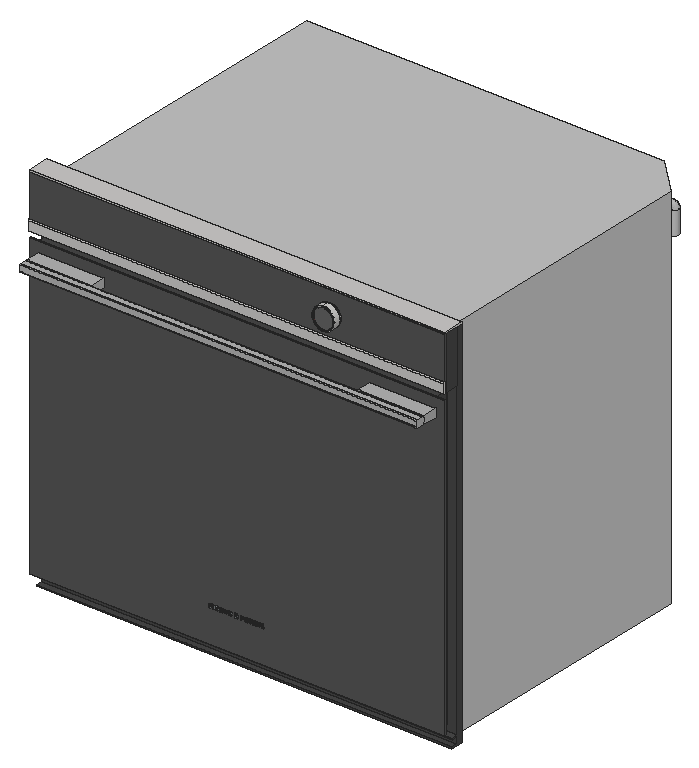
Revit family "FP-Revit18-OB30SD17PLX1-Oven-0-CA-US-90002675A", category Specialty Equipment, Revit 2018
Family settings
  Round Connector Dimension = Use Diameter
  Part Type = Normal
  OmniClass Number = 23.40.40.14.17.11
  OmniClass Title = Cookers, Ovens, Stoves
  Work Plane-Based = No
  Always vertical = Yes
  Cut with Voids When Loaded = Yes
  Shared = No
  Room Calculation Point = No
Parameters (values of type "OB30SD17PLX1")
  Visibility - Long Trim (Flush Installation) [instance] = no
  Visibility - Clearance Required = yes
  URL = "www.fisherpaykel.com"
  Product - Width = 760 mm  # constant formula
  Product - Height = 690 mm  # constant formula
  Product - Depth = 609 mm  # constant formula
  Model = "OB30SD17PLX1"
  Material - Trim = Fisher & Paykel - Stainless Steel
  Material - Structure = Fisher & Paykel - Black
  Material - Logo = Fisher & Paykel - Graphics Grey
  Material - Handle = Fisher & Paykel - Aluminium
  Material - Glass = Fisher & Paykel - Glass, Black
  Material - Buttons and Dials = Fisher & Paykel - Stainless Steel
  Material - Body = Fisher & Paykel - Grey
  Manufacturer = "Fisher & Paykel Appliances"
  FFL Offset [instance] = 182 mm
  Description = "30\" Self Cleaning Oven"
  Connector Note - Electrical = "208-240 V, 60 Hz, 16.6-19.4 A , 3.5-4.6 kW Max Load"
  Chassis - Width = 720 mm  # constant formula
  Chassis - Height = 675 mm  # constant formula
  Chassis - Depth = 569 mm  # constant formula
  Cavity - Width = 724 mm  # constant formula
  Cavity - Height = 681 mm  # constant formula
  Cavity - Depth = 575 mm  # constant formula
  Cabinet - Height = 693 mm  # constant formula
Reference planes
  plane 1 "Datum": y = 0
  plane 2: z = 0
  plane 3 "Center (Left/Right)": x = 0
  plane 4 "Cabinet - Height": z = 875
  plane 5 "Product LHS": x = -380
  plane 6 "Product RHS": x = 380
  plane 7 "Product - Depth": y = 569
  plane 8 "Cavity LHS": x = -382
  plane 9 "Cavity RHS": x = 382
  plane 10 "Cavity - Depth": y = 575
  plane 11 "Front Face": y = -40
  plane 12 "FFL Offset": z = 182
  plane 13 "Product - Height": z = 872
  plane 14: z = 863
Forms (mm)
  Extrusion 1, solid, material "Fisher & Paykel - Grey" <- "Material - Body"
    sketch origin (0, 0, 0) x (1, 0, 0) y (0, 1, 0)
      loop
        line (-359.809, 0) -> (360.191, 0) -> (360.191, 503) -> (294.191, 569) -> (-359.809, 569) -> (-359.809, 0)
    from 182 to 857
  Extrusion 2, solid, material "Fisher & Paykel - Clearance Required", visible <- "Visibility - Clearance Required", detail levels coarse
    sketch origin (0, 0, 0) x (1, 0, 0) y (0, 1, 0)
      loop
        line (-361.809, 0) -> (362.191, 0) -> (362.191, 575) -> (-361.809, 575) -> (-361.809, 0)
    from 182 to 863
  Extrusion 3, solid, material "Fisher & Paykel - Black" <- "Material - Structure"
    sketch origin (0, 0, 0) x (0, 1, 0) y (0, 0, 1)
      loop
        line (-11, 869.1) -> (-11, 199.834) -> (-21.5, 197.02) -> (-21.254, 196.102) -> (-11, 198.85) -> (-11, 183.95) -> (-22, 183.95) -> (-22, 182) -> (0, 182) -> (0, 869.1) -> (-11, 869.1)
    from -380 to 380
  Extrusion 4, solid, material "Fisher & Paykel - Black" <- "Material - Structure"
    sketch origin (0, 0, 0) x (0, 1, 0) y (0, 0, 1)
      loop
        line (-36, 869.1) -> (-36, 772) -> (-11, 772) -> (-11, 869.1) -> (-36, 869.1)
    from -380 to 380
  Extrusion 5, solid, material "Fisher & Paykel - Black" <- "Material - Structure"
    sketch origin (0, 0, 0) x (0, 1, 0) y (0, 0, 1)
      loop
        line (-16.2, 209.63) -> (-16.2, 759.665) -> (-36, 759.665) -> (-36, 209.63) -> (-16.2, 209.63)
    from -365 to 363.494
  Extrusion 6, solid, material "Fisher & Paykel - Black" <- "Material - Structure"
    sketch origin (0, 0, 0) x (0, 1, 0) y (0, 0, 1)
      loop
        line (-16.2, 759.665) -> (-16.2, 209.63) -> (-11, 209.63) -> (-11, 759.665) -> (-16.2, 759.665)
    from -361 to 361
  Extrusion 7, solid, material "Fisher & Paykel - Glass, Black" <- "Material - Glass"
    sketch origin (0, 0, 0) x (0, 1, 0) y (0, 0, 1)
      loop
        line (-40, 759.665) -> (-40, 209.63) -> (-36, 209.63) -> (-36, 759.665) -> (-40, 759.665)
    from -380 to 380
  Extrusion 8, solid, material "Fisher & Paykel - Glass, Black" <- "Material - Glass"
    sketch origin (0, 0, 0) x (0, 1, 0) y (0, 0, 1)
      loop
        line (-40, 868.639) -> (-40, 772) -> (-36, 772) -> (-36, 868.639) -> (-40, 868.639)
    from -380 to 380
  Extrusion 9, solid, material "Fisher & Paykel - Stainless Steel" <- "Material - Trim", detail levels fine
    sketch origin (0, 0, 0) x (0, 1, 0) y (0, 0, 1)
      loop
        line (-41.95, 789.531) -> (-41.95, 772) -> (-40, 772) -> (-40, 791.643) -> (-40.8, 791.643) -> (-41.95, 789.531)
    from -380 to 380
  Extrusion 10, solid, material "Fisher & Paykel - Clearance Required", visible <- "Visibility - Clearance Required", detail levels coarse
    sketch origin (0, -2000, 0) x (0, 1, 0) y (0, 0, 1)
      loop
        line (2000, 875) -> (1960.062, 875) -> (1960.062, 761.128)
        arc (1960.062, 761.128) -> (1570.095, 599.598) -> (1408.565, 209.63) r 551.498
        line (1408.565, 209.63) -> (1960, 209.63) -> (1960, 182) -> (2000, 182) -> (2000, 875)
    from -382 to 382
  Extrusion 11, solid, material "Fisher & Paykel - Stainless Steel" <- "Material - Trim"
    sketch origin (0, 0, 0) x (0, 1, 0) y (0, 0, 1)
      loop
        line (-40, 872) -> (-40, 869.1) -> (0, 869.1) -> (0, 872) -> (-40, 872)
    from -380 to 380
  Extrusion 12, void
    sketch origin (0, 0, 0) x (1, 0, 0) y (0, 1, 0)
      loop
        line (-361.809, 575) -> (-361.809, 0) -> (362.191, 0) -> (362.191, 575) -> (-361.809, 575)
    from 182 to 863
  Extrusion 13, void
    sketch origin (0, 0, 0) x (1, 0, 0) y (0, 1, 0)
      loop
        line (-382, 0) -> (-382, -40) -> (382, -40) -> (382, 0) -> (-382, 0)
    from 182 to 875
  Revolve 14, solid, material "Fisher & Paykel - Stainless Steel" <- "Material - Buttons and Dials", detail levels fine
    sketch origin (170, -40, 827.5) x (0, 1, 0) y (0, 0, 1)
      loop
        line (0, 20.5) -> (-0.843, 20.5) -> (-0.843, 5.623) -> (-3.464, 5.623) -> (-3.464, 20.5) -> (-15, 20.5) -> (-15, 19.672) -> (-14.502, 18.5) -> (-8.9, 18.5) -> (-8.9, 0) -> (0, 0) -> (0, 20.5)
      axis (0, 0) -> (-15, 0)
    angle from 0 to 360
  Extrusion 15, solid, material "Fisher & Paykel - Stainless Steel, Dark", detail levels fine
    sketch origin (170, -40, 827.5) x (1, 0, 0) y (0, 0, 1)
      loop
        circle (0, 0) r 18
    from 8.9 to 14.502
  Extrusion 16, solid, material "Fisher & Paykel - Stainless Steel" <- "Material - Buttons and Dials", detail levels coarse+medium
    sketch origin (170, -40, 827.5) x (1, 0, 0) y (0, 0, 1)
      loop
        circle (0, 0) r 20.5
    from 0 to 15
  Extrusion 17, solid, material "Fisher & Paykel - Bezel Red", detail levels fine
    sketch origin (170, -40, 827.5) x (1, 0, 0) y (0, 0, 1)
      loop
        circle (0, 0) r 18.5
      loop
        circle (0, 0) r 18
    from 8.9 to 14.502
  Extrusion 18, solid, material "Fisher & Paykel - Aluminium" <- "Material - Handle", detail levels fine
    sketch origin (8.022, -41, 734.648) x (0, 1, 0) y (0, 0, 1)
      loop
        arc (-26.813, 6.16) -> (-27.196, 6.554) -> (-27.728, 6.686) r 1
        line (-27.728, 6.686) -> (-40.035, 6.256)
        arc (-40.035, 6.256) -> (-40.719, 5.951) -> (-41, 5.257) r 1
        line (-41, 5.257) -> (-41, -5.257)
        arc (-41, -5.257) -> (-40.719, -5.951) -> (-40.035, -6.256) r 1
        line (-40.035, -6.256) -> (-27.709, -6.686)
        arc (-27.709, -6.686) -> (-27.175, -6.554) -> (-26.792, -6.158) r 1
        arc (-26.792, -6.158) -> (-25.256, 0.004) -> (-26.813, 6.16) r 13.038
    from -371.522 to 355.478
  Extrusion 19, solid, material "Fisher & Paykel - Aluminium" <- "Material - Handle", detail levels fine
    sketch origin (8.022, -41, 734.648) x (0, 1, 0) y (0, 0, 1)
      loop
        arc (-26.626, -6.008) -> (-26.614, -6.49) -> (-26.2, -6.737) r 0.5
        line (-26.2, -6.737) -> (1, -7.732) -> (1, 7.741) -> (-26.174, 6.747)
        arc (-26.174, 6.747) -> (-26.587, 6.5) -> (-26.6, 6.019) r 0.5
        arc (-26.6, 6.019) -> (-25.156, 0.002) -> (-26.626, -6.008) r 13.136
    from 235.478 to 355.478
  Extrusion 20, solid, material "Fisher & Paykel - Aluminium" <- "Material - Handle", detail levels coarse+medium
    sketch origin (8.022, -42, 734.648) x (1, 0, 0) y (0, 1, 0)
      loop
        line (-371.522, -40) -> (355.478, -40) -> (355.478, 2) -> (235.478, 2) -> (235.478, -24.334) -> (-251.522, -24.334) -> (-251.522, 2) -> (-371.522, 2) -> (-371.522, -40)
    from -8.022 to 7.978
  Extrusion 21, solid, material "Fisher & Paykel - Aluminium" <- "Material - Handle", detail levels fine
    sketch origin (8.022, -41, 734.648) x (0, 1, 0) y (0, 0, 1)
      loop
        arc (-26.626, -6.008) -> (-26.614, -6.49) -> (-26.2, -6.737) r 0.5
        line (-26.2, -6.737) -> (1, -7.732) -> (1, 7.741) -> (-26.174, 6.747)
        arc (-26.174, 6.747) -> (-26.587, 6.5) -> (-26.6, 6.019) r 0.5
        arc (-26.6, 6.019) -> (-25.156, 0.002) -> (-26.626, -6.008) r 13.136
    from -371.522 to -251.522
  Extrusion 22, solid, material "Fisher & Paykel - Aluminium" <- "Material - Handle", not visible, detail levels fine
    sketch origin (8.022, -2041, 719.648) x (0, 1, 0) y (0, 0, 1)
      loop
        arc (-26.813, 6.16) -> (-27.196, 6.554) -> (-27.728, 6.686) r 1
        line (-27.728, 6.686) -> (-40.035, 6.256)
        arc (-40.035, 6.256) -> (-40.719, 5.951) -> (-41, 5.257) r 1
        line (-41, 5.257) -> (-41, -5.257)
        arc (-41, -5.257) -> (-40.719, -5.951) -> (-40.035, -6.256) r 1
        line (-40.035, -6.256) -> (-27.709, -6.686)
        arc (-27.709, -6.686) -> (-27.175, -6.554) -> (-26.792, -6.158) r 1
        arc (-26.792, -6.158) -> (-25.256, 0.004) -> (-26.813, 6.16) r 13.038
    from -371.522 to 355.478
  Extrusion 23, solid, material "Fisher & Paykel - Aluminium" <- "Material - Handle", not visible, detail levels fine
    sketch origin (8.022, -2041, 719.648) x (0, 1, 0) y (0, 0, 1)
      loop
        arc (-26.626, -6.008) -> (-26.614, -6.49) -> (-26.2, -6.737) r 0.5
        line (-26.2, -6.737) -> (1, -7.732) -> (1, 7.741) -> (-26.174, 6.747)
        arc (-26.174, 6.747) -> (-26.587, 6.5) -> (-26.6, 6.019) r 0.5
        arc (-26.6, 6.019) -> (-25.156, 0.002) -> (-26.626, -6.008) r 13.136
    from 235.478 to 355.478
  Extrusion 24, solid, material "Fisher & Paykel - Aluminium" <- "Material - Handle", not visible, detail levels coarse+medium
    sketch origin (8.022, -2042, 719.648) x (1, 0, 0) y (0, 1, 0)
      loop
        line (-371.522, -40) -> (355.478, -40) -> (355.478, 2) -> (235.478, 2) -> (235.478, -24.334) -> (-251.522, -24.334) -> (-251.522, 2) -> (-371.522, 2) -> (-371.522, -40)
    from -8.022 to 7.978
  Extrusion 25, solid, material "Fisher & Paykel - Aluminium" <- "Material - Handle", not visible, detail levels fine
    sketch origin (8.022, -2041, 719.648) x (0, 1, 0) y (0, 0, 1)
      loop
        arc (-26.626, -6.008) -> (-26.614, -6.49) -> (-26.2, -6.737) r 0.5
        line (-26.2, -6.737) -> (1, -7.732) -> (1, 7.741) -> (-26.174, 6.747)
        arc (-26.174, 6.747) -> (-26.587, 6.5) -> (-26.6, 6.019) r 0.5
        arc (-26.6, 6.019) -> (-25.156, 0.002) -> (-26.626, -6.008) r 13.136
    from -371.522 to -251.522
  Extrusion 26, solid, material "Fisher & Paykel - Grey" <- "Material - Body"
    sketch origin (327.191, 536, 812.625) x (0.707107, -0.707107, 0) y (0, 0, 1)
      loop
        circle (0, 0) r 14.523
      loop
        circle (0, 0) r 7.273
    from -3.02 to 0
  Sweep 27, solid, material "Fisher & Paykel - Grey" <- "Material - Body"
    path origin (327.191, 536, 812.625) x (0.707107, 0.707107, 0) y (0, 0, 1)
      loop
        line (0, 0) -> (2.546, 0)
        arc (2.546, 0) -> (8.203, -2.343) -> (10.546, -8) r 8
        line (10.546, -8) -> (10.546, -49.977)
    profile origin (328.091, 536.9, 812.625) x (0, 0, 1) y (0.707107, -0.707107, 0)
      loop
        circle (0, 0) r 7.273
  Extrusion 28, solid, material "Fisher & Paykel - Grey" <- "Material - Body", not visible
    sketch origin (327.191, 536, 797.625) x (0.707107, -0.707107, 0) y (0, 0, 1)
      loop
        circle (0, 0) r 14.523
      loop
        circle (0, 0) r 7.273
    from -3.02 to 0
  Sweep 29, solid, material "Fisher & Paykel - Grey" <- "Material - Body", not visible
    path origin (327.191, 536, 797.625) x (0.707107, 0.707107, 0) y (0, 0, 1)
      loop
        line (0, 0) -> (2.546, 0)
        arc (2.546, 0) -> (8.203, -2.343) -> (10.546, -8) r 8
        line (10.546, -8) -> (10.546, -49.977)
    profile origin (328.091, 536.9, 797.625) x (0, 0, 1) y (0.707107, -0.707107, 0)
      loop
        circle (0, 0) r 7.273
  Extrusion 30, solid, material "Fisher & Paykel - Graphics Grey" <- "Material - Logo", detail levels fine
    sketch origin (0, -39.2, 255.6) x (1, 0, 0) y (0, 0, 1)
      loop
        line (-50.044, 15) -> (-48.47, 15) -> (-48.47, 17.138) -> (-46.011, 17.138) -> (-46.011, 18.472) -> (-48.47, 18.472) -> (-48.47, 19.712) -> (-45.795, 19.712) -> (-45.795, 21.04) -> (-50.044, 21.04) -> (-50.044, 15)
      loop
        line (-42.804, 21.04) -> (-42.804, 15) -> (-41.23, 15) -> (-41.23, 21.04) -> (-42.804, 21.04)
      loop
        line (-30.724, 21.04) -> (-30.724, 15) -> (-29.151, 15) -> (-29.151, 17.42) -> (-26.839, 17.42) -> (-26.839, 15) -> (-25.265, 15) -> (-25.265, 21.04) -> (-26.839, 21.04) -> (-26.839, 18.748) -> (-29.151, 18.748) -> (-29.151, 21.04) -> (-30.724, 21.04)
      loop
        line (-21.906, 21.04) -> (-21.906, 15) -> (-17.602, 15) -> (-17.602, 16.328) -> (-20.347, 16.328) -> (-20.347, 17.42) -> (-17.838, 17.42) -> (-17.838, 18.748) -> (-20.347, 18.748) -> (-20.347, 19.712) -> (-17.602, 19.712) -> (-17.602, 21.04) -> (-21.906, 21.04)
      loop
        line (45.667, 21.04) -> (45.667, 15) -> (49.956, 15) -> (49.956, 16.328) -> (47.241, 16.328) -> (47.241, 21.04) -> (45.667, 21.04)
      loop
        line (42.431, 21.04) -> (38.112, 21.04) -> (38.112, 15) -> (42.431, 15) -> (42.431, 16.328) -> (39.687, 16.328) -> (39.687, 17.42) -> (42.195, 17.42) -> (42.195, 18.748) -> (39.687, 18.748) -> (39.687, 19.712) -> (42.431, 19.712) -> (42.431, 21.04)
      loop
        line (33.451, 18.148) -> (35.683, 21.04) -> (33.844, 21.04) -> (31.915, 18.542) -> (31.915, 21.04) -> (30.342, 21.04) -> (30.342, 15) -> (31.915, 15) -> (31.915, 17.705) -> (33.903, 15) -> (35.763, 15) -> (33.451, 18.148)
      loop
        line (21.98, 21.04) -> (24.262, 17.42) -> (24.262, 15) -> (25.837, 15) -> (25.837, 17.341) -> (28.119, 21.04) -> (26.446, 21.04) -> (25.099, 18.707) -> (23.753, 21.04) -> (21.98, 21.04)
      loop
        line (18.479, 21.04) -> (16.983, 21.04) -> (14.524, 15) -> (16.069, 15) -> (16.501, 16.112) -> (18.921, 16.112) -> (19.354, 15) -> (20.938, 15) -> (18.479, 21.04)
      loop
        line (18.4, 17.439) -> (17.693, 19.174) -> (17.018, 17.439) -> (18.4, 17.439)
      loop
        line (8.031, 21.04) -> (8.031, 15) -> (9.605, 15) -> (9.605, 16.938) -> (10.599, 16.938)
        arc (10.599, 16.938) -> (12.65, 18.989) -> (10.599, 21.04) r 2.051
        line (10.599, 21.04) -> (8.031, 21.04)
      loop
        line (9.605, 19.712) -> (9.605, 18.197) -> (10.501, 18.197)
        arc (10.501, 18.197) -> (11.259, 18.954) -> (10.501, 19.712) r 0.757
        line (10.501, 19.712) -> (9.605, 19.712)
      loop
        line (-11.783, 21.04) -> (-14.366, 21.04) -> (-14.366, 15) -> (-12.792, 15) -> (-12.792, 16.336) -> (-11.992, 16.336) -> (-10.972, 15) -> (-9.153, 15) -> (-10.694, 16.973)
        arc (-10.694, 16.973) -> (-9.678, 19.424) -> (-11.783, 21.04) r 2.179
      loop
        line (-11.897, 19.712) -> (-12.792, 19.712) -> (-12.792, 18.053) -> (-11.897, 18.053)
        arc (-11.897, 18.053) -> (-11.068, 18.882) -> (-11.897, 19.712) r 0.83
      loop
        line (0.477, 19.712) -> (0.477, 21.153) -> (-3.575, 21.153) -> (-3.575, 19.851) -> (-2.974, 19.112)
        arc (-2.974, 19.112) -> (-3.51, 15.684) -> (-0.045, 15.512) r 2.334
        line (-0.045, 15.512) -> (0.46, 14.891) -> (2.246, 14.891) -> (0.86, 16.594) -> (2.061, 18.324) -> (0.443, 18.324) -> (-0.013, 17.667) -> (-1.677, 19.712) -> (0.477, 19.712)
      loop
        arc (-2.125, 18.068) -> (-2.269, 16.668) -> (-0.868, 16.524) r 0.996
        line (-0.868, 16.524) -> (-2.125, 18.068)
      loop
        line (-35.18, 18.634) -> (-36.516, 18.91)
        arc (-36.516, 18.91) -> (-37.049, 19.443) -> (-36.516, 19.976) r 0.533
        arc (-36.516, 19.976) -> (-35.235, 19.79) -> (-34.059, 19.248) r 4.505
        line (-34.059, 19.248) -> (-34.059, 20.743)
        arc (-34.059, 20.743) -> (-35.549, 21.179) -> (-37.1, 21.109) r 4.726
        arc (-37.1, 21.109) -> (-38.536, 19.335) -> (-37.1, 17.561) r 1.814
        line (-37.1, 17.561) -> (-35.754, 17.282)
        arc (-35.754, 17.282) -> (-35.221, 16.749) -> (-35.754, 16.216) r 0.533
        arc (-35.754, 16.216) -> (-37.035, 16.402) -> (-38.211, 16.945) r 4.505
        line (-38.211, 16.945) -> (-38.211, 15.449)
        arc (-38.211, 15.449) -> (-36.72, 15.013) -> (-35.169, 15.083) r 4.726
        arc (-35.169, 15.083) -> (-33.734, 16.863) -> (-35.18, 18.634) r 1.814
    from 0.8 to 1.6
  Extrusion 31, solid, material "Fisher & Paykel - Black" <- "Material - Structure", visible <- "Visibility - Long Trim (Flush Installation)"
    sketch origin (0, 0.127, 0) x (0, 1, 0) y (0, 0, 1)
      loop
        line (-39.127, 183.95) -> (-39.127, 182) -> (0, 182) -> (0, 183.95) -> (-39.127, 183.95)
    from -380 to 380
  Revolve 32, solid, material "Fisher & Paykel - Stainless Steel" <- "Material - Buttons and Dials", not visible, detail levels fine
    sketch origin (170, -40, 827.5) x (0, 1, 0) y (0, 0, 1)
      loop
        line (0, 20.5) -> (-0.843, 20.5) -> (-0.843, 5.623) -> (-3.464, 5.623) -> (-3.464, 20.5) -> (-15, 20.5) -> (-15, 19.672) -> (-14.502, 18.5) -> (-8.9, 18.5) -> (-8.9, 0) -> (0, 0) -> (0, 20.5)
      axis (0, 0) -> (-15, 0)
    angle from 0 to 360
  Extrusion 33, solid, material "Fisher & Paykel - Stainless Steel, Dark", not visible, detail levels fine
    sketch origin (170, -40, 827.5) x (1, 0, 0) y (0, 0, 1)
      loop
        circle (0, 0) r 18
    from 8.9 to 14.502
  Extrusion 34, solid, material "Fisher & Paykel - Stainless Steel" <- "Material - Buttons and Dials", not visible, detail levels coarse+medium
    sketch origin (170, -40, 827.5) x (1, 0, 0) y (0, 0, 1)
      loop
        circle (0, 0) r 20.5
    from 0 to 15
  Extrusion 35, solid, material "Fisher & Paykel - Bezel Red", not visible, detail levels fine
    sketch origin (170, -40, 827.5) x (1, 0, 0) y (0, 0, 1)
      loop
        circle (0, 0) r 18.5
      loop
        circle (0, 0) r 18
    from 8.9 to 14.502
Text (mm)
  text "Due to ongoing product development, product details are subject to change without notice. \nPlease always refer to www.fisherpaykel.com for the most current product information. \n© Fisher & Paykel 2020" at (41.04, -678.295, 0), in view "Ref. Level (Plan)"
Dimensions and locks
  equal spacing: plane 5 "Product LHS", plane 3 "Center (Left/Right)", plane 6 "Product RHS"
  "Product - Width": plane 5 "Product LHS" to plane 6 "Product RHS"
  equal spacing: plane 8 "Cavity LHS", plane 3 "Center (Left/Right)", plane 9 "Cavity RHS"
  "Cavity - Width": Extrusion 2 to Extrusion 2
  "Chassis - Width": Extrusion 1 to Extrusion 1
  locked: plane 11 "Front Face" to plane 1 "Datum" at 40
  "FFL Offset": plane 12 "FFL Offset" to level
  "Chassis - Height": Extrusion 1 to plane 12 "FFL Offset"
  locked: Extrusion 5 to plane 12 "FFL Offset" at 27.63
  plane 4 "Cabinet - Height" to plane 12 "FFL Offset" = 693 mm
  "Product - Height": plane 12 "FFL Offset" to plane 13 "Product - Height"
  Extrusion 4 to plane 13 "Product - Height" = 100 mm
  locked: Extrusion 20 to plane 13 "Product - Height" at 129.374
  locked: Sweep 27 to plane 13 "Product - Height" at 109.352
  "Chassis - Depth": plane 1 "Datum" to plane 7 "Product - Depth"
  "Cavity - Depth": plane 10 "Cavity - Depth" to plane 1 "Datum"
  "Cavity - Height": plane 12 "FFL Offset" to plane 14
  locked: plane 8 "Cavity LHS" to plane 9 "Cavity RHS" at 764
  aligned and locked: level to plane 2
  aligned and locked: plane 5 "Product LHS" to Extrusion 3
  aligned and locked: Extrusion 3 to plane 6 "Product RHS"
  aligned and locked: plane 8 "Cavity LHS" to Extrusion 10
  aligned and locked: Extrusion 10 to plane 9 "Cavity RHS"
  aligned and locked: Extrusion 10 sketch curve to plane 12 "FFL Offset"
  aligned and locked: plane 12 "FFL Offset" to Extrusion 3 sketch curve
  aligned and locked: Extrusion 3 to Extrusion 1
  aligned and locked: Extrusion 5 to Extrusion 6
  aligned and locked: Extrusion 7 to Extrusion 5
  aligned and locked: Extrusion 12 to Extrusion 1
  aligned and locked: Extrusion 12 to Extrusion 2
  aligned and locked: Extrusion 13 to Extrusion 1
  aligned and locked: plane 4 "Cabinet - Height" to Extrusion 13
  aligned and locked: Extrusion 2 to Extrusion 1
  aligned and locked: Extrusion 11 to plane 13 "Product - Height"
  aligned and locked: Extrusion 12 to plane 14
  aligned and locked: Extrusion 2 to plane 14
  aligned and locked: Extrusion 10 to Extrusion 7
  aligned and locked: Extrusion 31 sketch curve to Extrusion 3
  aligned and locked: Extrusion 31 sketch curve to Extrusion 12
Automatic sketch dimensions
  Extrusion 18 sketch curve to Extrusion 18 sketch curve = 0.965 mm  (x2)
  Extrusion 18 sketch curve to Extrusion 18 sketch curve = 0.035 mm  (x4)
  Extrusion 18 sketch curve to Extrusion 18 sketch curve = 1.706 mm
  Extrusion 18 sketch curve to Extrusion 18 sketch curve = 12.307 mm
  Extrusion 18 sketch curve to Extrusion 18 sketch curve = 12.326 mm
  Extrusion 18 sketch curve to Extrusion 18 sketch curve = 0.999 mm  (x2)
  Extrusion 18 sketch curve to Extrusion 18 sketch curve = 5.238 mm
  Extrusion 18 sketch curve to Extrusion 18 sketch curve = 0 mm
  Extrusion 19 sketch curve to Extrusion 19 sketch curve = 12.091 mm
  Extrusion 19 sketch curve to Extrusion 19 sketch curve = 0.018 mm  (x2)
  Extrusion 19 sketch curve to Extrusion 19 sketch curve = 0.008 mm
  Extrusion 19 sketch curve to Extrusion 19 sketch curve = 27.174 mm
  Extrusion 19 sketch curve to Extrusion 19 sketch curve = 15.473 mm
  Extrusion 19 sketch curve to Extrusion 19 sketch curve = 0.5 mm  (x2)
  Extrusion 19 sketch curve to Extrusion 19 sketch curve = 0 mm
  Extrusion 21 sketch curve to Extrusion 21 sketch curve = 12.091 mm
  Extrusion 21 sketch curve to Extrusion 21 sketch curve = 0.018 mm  (x2)
  Extrusion 21 sketch curve to Extrusion 21 sketch curve = 0.008 mm
  Extrusion 21 sketch curve to Extrusion 21 sketch curve = 27.174 mm
  Extrusion 21 sketch curve to Extrusion 21 sketch curve = 15.473 mm
  Extrusion 21 sketch curve to Extrusion 21 sketch curve = 0.5 mm  (x2)
  Extrusion 21 sketch curve to Extrusion 21 sketch curve = 0 mm
  Extrusion 18 sketch curve to Extrusion 18 sketch curve = 0.43 mm
  Extrusion 18 sketch curve to Extrusion 18 sketch curve = 5.275 mm
  Extrusion 18 sketch curve to Extrusion 18 sketch curve = 11.374 mm
  Extrusion 19 sketch curve to Extrusion 19 sketch curve = 0.995 mm
  Extrusion 19 sketch curve to Extrusion 19 sketch curve = 6.268 mm
  Extrusion 19 sketch curve to Extrusion 19 sketch curve = 12.255 mm
  Extrusion 21 sketch curve to Extrusion 21 sketch curve = 0.995 mm
  Extrusion 21 sketch curve to Extrusion 21 sketch curve = 6.268 mm
  Extrusion 21 sketch curve to Extrusion 21 sketch curve = 12.255 mm
  Extrusion 20 sketch curve to Extrusion 20 sketch curve = 120 mm  (x2)
  Extrusion 20 sketch curve to Extrusion 20 sketch curve = 15.666 mm
  Extrusion 20 sketch curve to Extrusion 20 sketch curve = 26.334 mm  (x2)
  Extrusion 20 sketch curve to Extrusion 20 sketch curve = 487 mm
  Extrusion 22 sketch curve to Extrusion 22 sketch curve = 0.965 mm  (x2)
  Extrusion 22 sketch curve to Extrusion 22 sketch curve = 0.035 mm  (x4)
  Extrusion 22 sketch curve to Extrusion 22 sketch curve = 1.706 mm
  Extrusion 22 sketch curve to Extrusion 22 sketch curve = 12.307 mm
  Extrusion 22 sketch curve to Extrusion 22 sketch curve = 12.326 mm
  Extrusion 22 sketch curve to Extrusion 22 sketch curve = 0.999 mm  (x2)
  Extrusion 22 sketch curve to Extrusion 22 sketch curve = 5.238 mm
  Extrusion 22 sketch curve to Extrusion 22 sketch curve = 0 mm
  Extrusion 23 sketch curve to Extrusion 23 sketch curve = 12.091 mm
  Extrusion 23 sketch curve to Extrusion 23 sketch curve = 0.018 mm  (x2)
  Extrusion 23 sketch curve to Extrusion 23 sketch curve = 0.008 mm
  Extrusion 23 sketch curve to Extrusion 23 sketch curve = 27.174 mm
  Extrusion 23 sketch curve to Extrusion 23 sketch curve = 15.473 mm
  Extrusion 23 sketch curve to Extrusion 23 sketch curve = 0.5 mm  (x2)
  Extrusion 23 sketch curve to Extrusion 23 sketch curve = 0 mm
  Extrusion 25 sketch curve to Extrusion 25 sketch curve = 12.091 mm
  Extrusion 25 sketch curve to Extrusion 25 sketch curve = 0.018 mm  (x2)
  Extrusion 25 sketch curve to Extrusion 25 sketch curve = 0.008 mm
  Extrusion 25 sketch curve to Extrusion 25 sketch curve = 27.174 mm
  Extrusion 25 sketch curve to Extrusion 25 sketch curve = 15.473 mm
  Extrusion 25 sketch curve to Extrusion 25 sketch curve = 0.5 mm  (x2)
  Extrusion 25 sketch curve to Extrusion 25 sketch curve = 0 mm
  Extrusion 22 sketch curve to Extrusion 22 sketch curve = 0.43 mm
  Extrusion 22 sketch curve to Extrusion 22 sketch curve = 5.275 mm
  Extrusion 22 sketch curve to Extrusion 22 sketch curve = 11.374 mm
  Extrusion 23 sketch curve to Extrusion 23 sketch curve = 0.995 mm
  Extrusion 23 sketch curve to Extrusion 23 sketch curve = 6.268 mm
  Extrusion 23 sketch curve to Extrusion 23 sketch curve = 12.255 mm
  Extrusion 25 sketch curve to Extrusion 25 sketch curve = 0.995 mm
  Extrusion 25 sketch curve to Extrusion 25 sketch curve = 6.268 mm
  Extrusion 25 sketch curve to Extrusion 25 sketch curve = 12.255 mm
  Extrusion 24 sketch curve to Extrusion 24 sketch curve = 120 mm  (x2)
  Extrusion 24 sketch curve to Extrusion 24 sketch curve = 15.666 mm
  Extrusion 24 sketch curve to Extrusion 24 sketch curve = 26.334 mm  (x2)
  Extrusion 24 sketch curve to Extrusion 24 sketch curve = 487 mm
  Extrusion 26 sketch curve to Extrusion 26 sketch curve = 0 mm  (x4)
  Sweep 27 sketch curve to Sweep 27 sketch curve = 8 mm
  Sweep 27 sketch curve to Sweep 27 sketch curve = 2.546 mm
  Sweep 27 sketch curve to Sweep 27 sketch curve = 41.977 mm
  Sweep 27 sketch curve to profile plane = 0 mm  (x2)
  Extrusion 28 sketch curve to Extrusion 28 sketch curve = 0 mm  (x4)
  Sweep 29 sketch curve to Sweep 29 sketch curve = 8 mm
  Sweep 29 sketch curve to Sweep 29 sketch curve = 2.546 mm
  Sweep 29 sketch curve to Sweep 29 sketch curve = 41.977 mm
  Sweep 29 sketch curve to profile plane = 0 mm  (x2)
  plane 1 "Datum" to Extrusion 1 sketch curve = 0 mm
  Extrusion 1 sketch curve to plane 7 "Product - Depth" = 0 mm
  Extrusion 1 sketch curve to plane 5 "Product LHS" = 20.191 mm
  plane 6 "Product RHS" to Extrusion 1 sketch curve = 85.809 mm
  plane 6 "Product RHS" to Extrusion 1 sketch curve = 19.809 mm
  Extrusion 1 sketch curve to plane 7 "Product - Depth" = 66 mm
  plane 1 "Datum" to Extrusion 2 sketch curve = 0 mm
  plane 10 "Cavity - Depth" to Extrusion 2 sketch curve = 0 mm
  Extrusion 2 sketch curve to plane 5 "Product LHS" = 18.191 mm
  plane 6 "Product RHS" to Extrusion 2 sketch curve = 17.809 mm
  Extrusion 3 sketch curve to plane 1 "Datum" = 0 mm
  plane 1 "Datum" to Extrusion 3 sketch curve = 11 mm
  Extrusion 3 sketch curve to Extrusion 3 sketch curve = 0 mm
  Extrusion 3 sketch curve to Extrusion 3 sketch curve = 10.254 mm
  plane 12 "FFL Offset" to Extrusion 3 sketch curve = 15.02 mm
  Extrusion 3 sketch curve to Extrusion 3 sketch curve = 0.246 mm
  plane 12 "FFL Offset" to Extrusion 3 sketch curve = 1.95 mm
  Extrusion 3 sketch curve to Extrusion 3 sketch curve = 11 mm
  Extrusion 3 sketch curve to Extrusion 3 sketch curve = 0.918 mm
  plane 13 "Product - Height" to Extrusion 3 sketch curve = 2.9 mm
  plane 11 "Front Face" to Extrusion 4 sketch curve = 4 mm
  plane 1 "Datum" to Extrusion 4 sketch curve = 11 mm
  plane 14 to Extrusion 4 sketch curve = 91 mm
  plane 13 "Product - Height" to Extrusion 4 sketch curve = 2.9 mm
  plane 11 "Front Face" to Extrusion 5 sketch curve = 4 mm
  plane 1 "Datum" to Extrusion 5 sketch curve = 16.2 mm
  plane 12 "FFL Offset" to Extrusion 5 sketch curve = 27.63 mm
  plane 14 to Extrusion 5 sketch curve = 103.335 mm
  plane 1 "Datum" to Extrusion 6 sketch curve = 16.2 mm
  Extrusion 6 sketch curve to Extrusion 6 sketch curve = 5.2 mm
  plane 12 "FFL Offset" to Extrusion 6 sketch curve = 27.63 mm
  plane 14 to Extrusion 6 sketch curve = 103.335 mm
  Extrusion 7 sketch curve to plane 11 "Front Face" = 0 mm
  Extrusion 7 sketch curve to Extrusion 7 sketch curve = 4 mm
  plane 12 "FFL Offset" to Extrusion 7 sketch curve = 27.63 mm
  plane 14 to Extrusion 7 sketch curve = 103.335 mm
  Extrusion 8 sketch curve to plane 11 "Front Face" = 0 mm
  Extrusion 8 sketch curve to Extrusion 8 sketch curve = 4 mm
  plane 14 to Extrusion 8 sketch curve = 91 mm
  plane 13 "Product - Height" to Extrusion 8 sketch curve = 3.361 mm
  Extrusion 9 sketch curve to plane 11 "Front Face" = 0 mm
  Extrusion 9 sketch curve to plane 11 "Front Face" = 0.8 mm
  Extrusion 9 sketch curve to plane 11 "Front Face" = 1.95 mm
  plane 14 to Extrusion 9 sketch curve = 91 mm
  Extrusion 9 sketch curve to Extrusion 9 sketch curve = 17.531 mm
  Extrusion 9 sketch curve to Extrusion 9 sketch curve = 2.112 mm
  plane 11 "Front Face" to Extrusion 10 sketch curve = 0.062 mm
  Extrusion 10 sketch curve to plane 11 "Front Face" = 0 mm
  Extrusion 10 sketch curve to plane 1 "Datum" = 0 mm
  plane 12 "FFL Offset" to Extrusion 10 sketch curve = 27.63 mm
  Extrusion 10 sketch curve to plane 11 "Front Face" = 551.435 mm
  Extrusion 10 sketch curve to plane 4 "Cabinet - Height" = 0 mm
  Extrusion 11 sketch curve to plane 11 "Front Face" = 0 mm
  Extrusion 11 sketch curve to plane 1 "Datum" = 0 mm
  plane 13 "Product - Height" to Extrusion 11 sketch curve = 0 mm
  Extrusion 11 sketch curve to Extrusion 11 sketch curve = 2.9 mm
  plane 1 "Datum" to Extrusion 12 sketch curve = 0 mm
  Extrusion 12 sketch curve to plane 5 "Product LHS" = 18.191 mm
  plane 6 "Product RHS" to Extrusion 12 sketch curve = 17.809 mm
  plane 10 "Cavity - Depth" to Extrusion 12 sketch curve = 0 mm
  Extrusion 13 sketch curve to plane 8 "Cavity LHS" = 0 mm
  Extrusion 13 sketch curve to plane 9 "Cavity RHS" = 0 mm
  Extrusion 13 sketch curve to plane 11 "Front Face" = 0 mm
  plane 1 "Datum" to Extrusion 13 sketch curve = 0 mm
  Extrusion 30 sketch curve to plane 3 "Center (Left/Right)" = 50.044 mm
  Extrusion 30 sketch curve to Extrusion 30 sketch curve = 1.574 mm  (x12)
  Extrusion 30 sketch curve to Extrusion 30 sketch curve = 2.459 mm
  Extrusion 30 sketch curve to Extrusion 30 sketch curve = 0.216 mm
  Extrusion 30 sketch curve to Extrusion 30 sketch curve = 3.207 mm
  Extrusion 30 sketch curve to Extrusion 30 sketch curve = 3.02 mm
  Extrusion 30 sketch curve to Extrusion 30 sketch curve = 1.11 mm
  Extrusion 30 sketch curve to Extrusion 30 sketch curve = 0.379 mm
  Extrusion 30 sketch curve to Extrusion 30 sketch curve = 0.206 mm  (x2)
  Extrusion 30 sketch curve to Extrusion 30 sketch curve = 0.36 mm  (x2)
  Extrusion 30 sketch curve to Extrusion 30 sketch curve = 0.402 mm
  Extrusion 30 sketch curve to Extrusion 30 sketch curve = 0 mm  (x21)
  Extrusion 30 sketch curve to Extrusion 30 sketch curve = 1.335 mm  (x2)
  Extrusion 30 sketch curve to Extrusion 30 sketch curve = 1.121 mm
  Extrusion 30 sketch curve to Extrusion 30 sketch curve = 3.335 mm
  Extrusion 30 sketch curve to Extrusion 30 sketch curve = 2.312 mm  (x2)
  Extrusion 30 sketch curve to Extrusion 30 sketch curve = 3.359 mm
  Extrusion 30 sketch curve to Extrusion 30 sketch curve = 1.559 mm
  Extrusion 30 sketch curve to Extrusion 30 sketch curve = 2.508 mm  (x2)
  Extrusion 30 sketch curve to Extrusion 30 sketch curve = 0.236 mm  (x4)
  Extrusion 30 sketch curve to Extrusion 30 sketch curve = 3.236 mm  (x2)
  Extrusion 30 sketch curve to Extrusion 30 sketch curve = 0.8 mm
  Extrusion 30 sketch curve to Extrusion 30 sketch curve = 0.895 mm
  Extrusion 30 sketch curve to Extrusion 30 sketch curve = 0.114 mm
  Extrusion 30 sketch curve to Extrusion 30 sketch curve = 1.02 mm
  Extrusion 30 sketch curve to Extrusion 30 sketch curve = 1.298 mm
  Extrusion 30 sketch curve to Extrusion 30 sketch curve = 1.82 mm
  Extrusion 30 sketch curve to plane 3 "Center (Left/Right)" = 3.575 mm
  Extrusion 30 sketch curve to Extrusion 30 sketch curve = 0.602 mm
  Extrusion 30 sketch curve to Extrusion 30 sketch curve = 0.849 mm
  Extrusion 30 sketch curve to Extrusion 30 sketch curve = 0.425 mm
  Extrusion 30 sketch curve to Extrusion 30 sketch curve = 1.297 mm
  Extrusion 30 sketch curve to Extrusion 30 sketch curve = 0.203 mm
  Extrusion 30 sketch curve to Extrusion 30 sketch curve = 0.628 mm
  Extrusion 30 sketch curve to Extrusion 30 sketch curve = 0.824 mm
  Extrusion 30 sketch curve to Extrusion 30 sketch curve = 0.855 mm
  Extrusion 30 sketch curve to Extrusion 30 sketch curve = 0.456 mm
  Extrusion 30 sketch curve to Extrusion 30 sketch curve = 0.505 mm
  plane 3 "Center (Left/Right)" to Extrusion 30 sketch curve = 0.477 mm
  plane 3 "Center (Left/Right)" to Extrusion 30 sketch curve = 0.86 mm
  plane 3 "Center (Left/Right)" to Extrusion 30 sketch curve = 2.061 mm
  plane 3 "Center (Left/Right)" to Extrusion 30 sketch curve = 2.246 mm
  plane 3 "Center (Left/Right)" to Extrusion 30 sketch curve = 8.031 mm
  Extrusion 30 sketch curve to Extrusion 30 sketch curve = 0.896 mm
  Extrusion 30 sketch curve to Extrusion 30 sketch curve = 0.994 mm
  Extrusion 30 sketch curve to Extrusion 30 sketch curve = 3.925 mm
  Extrusion 30 sketch curve to Extrusion 30 sketch curve = 1.545 mm
  Extrusion 30 sketch curve to Extrusion 30 sketch curve = 0.433 mm  (x2)
  Extrusion 30 sketch curve to Extrusion 30 sketch curve = 0.482 mm
  Extrusion 30 sketch curve to Extrusion 30 sketch curve = 0.517 mm
  Extrusion 30 sketch curve to Extrusion 30 sketch curve = 0.675 mm
  Extrusion 30 sketch curve to Extrusion 30 sketch curve = 1.381 mm
  Extrusion 30 sketch curve to Extrusion 30 sketch curve = 1.495 mm
  Extrusion 30 sketch curve to Extrusion 30 sketch curve = 0.522 mm
  Extrusion 30 sketch curve to Extrusion 30 sketch curve = 1.584 mm
  Extrusion 30 sketch curve to Extrusion 30 sketch curve = 3.502 mm
  Extrusion 30 sketch curve to Extrusion 30 sketch curve = 1.772 mm
  Extrusion 30 sketch curve to Extrusion 30 sketch curve = 0.51 mm
  Extrusion 30 sketch curve to Extrusion 30 sketch curve = 0.837 mm
  Extrusion 30 sketch curve to Extrusion 30 sketch curve = 0.737 mm
  Extrusion 30 sketch curve to Extrusion 30 sketch curve = 2.694 mm
  Extrusion 30 sketch curve to Extrusion 30 sketch curve = 1.673 mm
  Extrusion 30 sketch curve to Extrusion 30 sketch curve = 2.223 mm
  Extrusion 30 sketch curve to Extrusion 30 sketch curve = 1.535 mm
  Extrusion 30 sketch curve to Extrusion 30 sketch curve = 1.928 mm
  Extrusion 30 sketch curve to Extrusion 30 sketch curve = 1.987 mm
  Extrusion 30 sketch curve to Extrusion 30 sketch curve = 1.839 mm
  Extrusion 30 sketch curve to Extrusion 30 sketch curve = 1.86 mm
  Extrusion 30 sketch curve to Extrusion 30 sketch curve = 2.429 mm
  Extrusion 30 sketch curve to Extrusion 30 sketch curve = 2.715 mm
  plane 12 "FFL Offset" to Extrusion 30 sketch curve = 88.491 mm
  Extrusion 30 sketch curve to Extrusion 30 sketch curve = 0.109 mm  (x5)
  Extrusion 30 sketch curve to Extrusion 30 sketch curve = 0.449 mm
  Extrusion 30 sketch curve to Extrusion 30 sketch curve = 0.023 mm
  Extrusion 30 sketch curve to Extrusion 30 sketch curve = 0.621 mm
  Extrusion 30 sketch curve to Extrusion 30 sketch curve = 1.112 mm
  Extrusion 30 sketch curve to Extrusion 30 sketch curve = 1.328 mm  (x10)
  Extrusion 30 sketch curve to Extrusion 30 sketch curve = 1.336 mm
  Extrusion 30 sketch curve to Extrusion 30 sketch curve = 1.015 mm
  Extrusion 30 sketch curve to Extrusion 30 sketch curve = 1.012 mm
  Extrusion 30 sketch curve to Extrusion 30 sketch curve = 1.082 mm
  Extrusion 30 sketch curve to Extrusion 30 sketch curve = 0.262 mm  (x2)
  Extrusion 30 sketch curve to Extrusion 30 sketch curve = 1.938 mm
  Extrusion 30 sketch curve to Extrusion 30 sketch curve = 1.496 mm  (x2)
  Extrusion 30 sketch curve to Extrusion 30 sketch curve = 0.637 mm
  Extrusion 30 sketch curve to Extrusion 30 sketch curve = 2.138 mm
  Extrusion 30 sketch curve to Extrusion 30 sketch curve = 0.632 mm
  Extrusion 30 sketch curve to Extrusion 30 sketch curve = 0.424 mm  (x2)
  Extrusion 30 sketch curve to Extrusion 30 sketch curve = 0.14 mm
  Extrusion 30 sketch curve to Extrusion 30 sketch curve = 2.341 mm
  Extrusion 30 sketch curve to Extrusion 30 sketch curve = 1.092 mm  (x2)
  Extrusion 30 sketch curve to Extrusion 30 sketch curve = 2.42 mm
  Extrusion 30 sketch curve to Extrusion 30 sketch curve = 0.079 mm
  Extrusion 30 sketch curve to Extrusion 30 sketch curve = 0.616 mm
  Extrusion 30 sketch curve to Extrusion 30 sketch curve = 1.073 mm
  Extrusion 30 sketch curve to Extrusion 30 sketch curve = 2.705 mm
  Extrusion 30 sketch curve to Extrusion 30 sketch curve = 1.716 mm
  Extrusion 30 sketch curve to Extrusion 30 sketch curve = 0.442 mm
  Extrusion 30 sketch curve to Extrusion 30 sketch curve = 1.259 mm
  Extrusion 30 sketch curve to Extrusion 30 sketch curve = 1.73 mm
  Extrusion 30 sketch curve to Extrusion 30 sketch curve = 0.836 mm
  Extrusion 30 sketch curve to Extrusion 30 sketch curve = 1.352 mm
  Extrusion 30 sketch curve to Extrusion 30 sketch curve = 1.287 mm
  Extrusion 30 sketch curve to Extrusion 30 sketch curve = 0.808 mm
  Extrusion 30 sketch curve to Extrusion 30 sketch curve = 0.022 mm
  Extrusion 30 sketch curve to Extrusion 30 sketch curve = 0.276 mm
  Extrusion 30 sketch curve to Extrusion 30 sketch curve = 0.757 mm
  Extrusion 30 sketch curve to Extrusion 30 sketch curve = 0.034 mm
  Extrusion 30 sketch curve to Extrusion 30 sketch curve = 1.735 mm
  Extrusion 30 sketch curve to Extrusion 30 sketch curve = 0.614 mm
  Extrusion 30 sketch curve to Extrusion 30 sketch curve = 0.6 mm
  Extrusion 30 sketch curve to Extrusion 30 sketch curve = 0.964 mm  (x2)
  Extrusion 30 sketch curve to Extrusion 30 sketch curve = 1.24 mm
  Extrusion 30 sketch curve to Extrusion 30 sketch curve = 0.739 mm
  Extrusion 30 sketch curve to Extrusion 30 sketch curve = 0.744 mm
  Extrusion 30 sketch curve to Extrusion 30 sketch curve = 2.292 mm  (x2)
  Extrusion 30 sketch curve to Extrusion 30 sketch curve = 1.866 mm
  Extrusion 30 sketch curve to Extrusion 30 sketch curve = 2.892 mm
  Extrusion 30 sketch curve to Extrusion 30 sketch curve = 2.498 mm
  Extrusion 30 sketch curve to Extrusion 30 sketch curve = 1.302 mm
  plane 11 "Front Face" to Extrusion 31 sketch curve = 1 mm
  Extrusion 31 sketch curve to plane 1 "Datum" = 0.127 mm
  Revolve 14 sketch curve to Revolve 14 sketch curve = 2.621 mm
  Revolve 14 sketch curve to Revolve 14 sketch curve = 5.436 mm
  Revolve 14 sketch curve to Revolve 14 sketch curve = 5.602 mm
  Revolve 14 sketch curve to Revolve 14 sketch curve = 0.498 mm
  Revolve 14 sketch curve to Revolve 14 sketch curve = 5.623 mm
  Revolve 14 sketch curve to Revolve 14 sketch curve = 12.877 mm
  Revolve 14 sketch curve to Revolve 14 sketch curve = 1.172 mm
  Revolve 14 sketch curve to Revolve 14 sketch curve = 0.828 mm
  Revolve 14 sketch curve to Revolve 14 sketch curve = 0 mm  (x3)
  Revolve 14 sketch curve to Revolve 14 sketch curve = 9.733 mm
  Extrusion 17 sketch curve to Extrusion 17 sketch curve = 0 mm  (x4)
  Revolve 14 sketch curve to Revolve 14 sketch curve = 0.843 mm
  Revolve 32 sketch curve to Revolve 32 sketch curve = 2.621 mm
  Revolve 32 sketch curve to Revolve 32 sketch curve = 5.436 mm
  Revolve 32 sketch curve to Revolve 32 sketch curve = 5.602 mm
  Revolve 32 sketch curve to Revolve 32 sketch curve = 0.498 mm
  Revolve 32 sketch curve to Revolve 32 sketch curve = 5.623 mm
  Revolve 32 sketch curve to Revolve 32 sketch curve = 12.877 mm
  Revolve 32 sketch curve to Revolve 32 sketch curve = 1.172 mm
  Revolve 32 sketch curve to Revolve 32 sketch curve = 0.828 mm
  Revolve 32 sketch curve to Revolve 32 sketch curve = 0 mm  (x3)
  Revolve 32 sketch curve to Revolve 32 sketch curve = 9.733 mm
  Extrusion 35 sketch curve to Extrusion 35 sketch curve = 0 mm  (x4)
  Revolve 32 sketch curve to Revolve 32 sketch curve = 0.843 mm
  radius of Extrusion 26 sketch curve = 14.523 mm
  radius of Extrusion 26 sketch curve = 7.273 mm
  radius of Sweep 27 sketch curve = 7.273 mm
  radius of Extrusion 28 sketch curve = 14.523 mm
  radius of Extrusion 28 sketch curve = 7.273 mm
  radius of Sweep 29 sketch curve = 7.273 mm
  radius of Extrusion 16 sketch curve = 20.5 mm
  radius of Extrusion 15 sketch curve = 18 mm
  radius of Extrusion 17 sketch curve = 18.5 mm
  radius of Extrusion 17 sketch curve = 18 mm
  radius of Extrusion 34 sketch curve = 20.5 mm
  radius of Extrusion 33 sketch curve = 18 mm
  radius of Extrusion 35 sketch curve = 18.5 mm
  radius of Extrusion 35 sketch curve = 18 mm
Connectors
  electrical at (334.648, 543.457, 762.648), driven by "Connector Note - Electrical"
    settings: on Sweep 27, index 1, voltage 208 V, apparent load 0 VA, apparent load phase1 0 VA, apparent load phase2 0 VA, apparent load phase3 0 VA, power factor 1, load classification "Other", number of poles 1, system type 30, power factor state 1, is connector primary yes, connector utility no, sub classification motor no, connector description "208-240 V, 60 Hz, 16.6-19.4 A , 3.5-4.6 kW Max Load"
